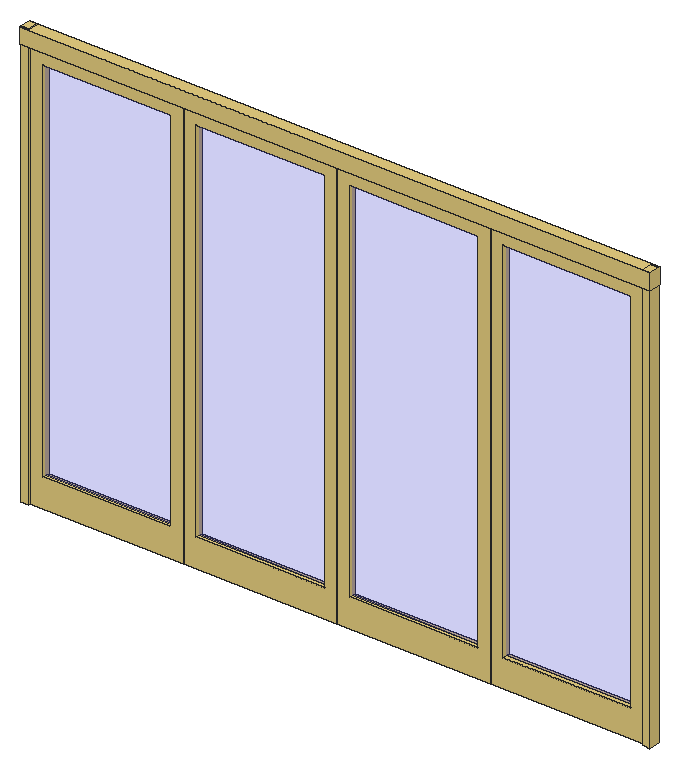
Revit family "DAL_A3-Bifold-2700x3990-BF2740R4", category Doors, host Wall, Revit 2016
Family settings
  Host = Wall
  Always vertical = Yes
  Cut with Voids When Loaded = No
  Shared = No
  Room Calculation Point = No
Parameters (values of type "2700 x 3990 BF2740R4")
  URL = "http://www.canterburywindows.com.au"
  Rough Width = Width + Frame Depth  # 4010 mm
  Rough Height = Height + Frame Depth  # 2720 mm
  Panel Width = (Width - 100 mm) / 4  # 972.5 mm
  Panel Material = Wood - Meranti
  Overhead Lines Visible [instance] = yes
  Opening Angle 2 = (Opening Angle * 2)  # 160.00°
  Opening Angle = 80.00°
  Model = "Standard Bifold Door"
  Manufacturer Code = "BF2740R4"
  Manufacturer = "Canterbury Windows & Doors"
  Height = 2700 mm
  Wall Closure = By host
  Width = 3990 mm
  Glass Material = Glass
  Function = Interior
  Frame Material = Wood - Meranti
  Frame Depth = 20 mm
  Assembly Code = "B2030130"
Reference planes
  plane 1 "Center": y = 0
  plane 2 "Center (Left/Right)": x = 0
  plane 3 "Left": x = -1995
  plane 4 "Right": x = 1995
  plane 5: z = 2700
  plane 6 "Exterior": y = 75
  plane 7 "Interior": y = -75
  plane 8: x = 972.5
  plane 9: x = -972.5
  plane 10: z = 2600
  plane 11: x = 1945
  plane 12: x = -1945
  plane 13: z = 1300
Forms (mm)
  Sweep 1, solid, material "Wood - Meranti" <- "Frame Material"
    path origin (0, 0, 0) x (1, 0, 0) y (0, 0, 1)
      loop
        line (1995, 0) -> (1995, 2700)
    profile origin (1995, 0, 1350) x (-1, 0, 0) y (0, -1, 0)
      loop
        line (50, -34) -> (50, 34) -> (0, 34) -> (0, -34) -> (50, -34)
  Sweep 2, solid, material "Wood - Meranti" <- "Frame Material"
    path origin (0, 0, 0) x (1, 0, 0) y (0, 0, 1)
      loop
        line (-1995, 0) -> (-1995, 2700)
    profile origin (-1995, 0, 1350) x (-1, 0, 0) y (0, -1, 0)
      loop
        line (0, -34) -> (0, 34) -> (-50, 34) -> (-50, -34) -> (0, -34)
  Sweep 3, solid, material "Wood - Meranti" <- "Frame Material", detail levels medium+fine
    path origin (0, 0, 0) x (1, 0, 0) y (0, 0, 1)
      loop
        line (1995, 2700) -> (-1995, 2700)
    profile origin (0, 0, 2700) x (0, 0, -1) y (0, -1, 0)
      loop
        line (0, -39) -> (100, -39) -> (100, 39) -> (0, 39) -> (0, -39)
  Extrusion 4, solid, material "Wood - Meranti" <- "Panel Material", detail levels medium+fine
    sketch origin (0, 0, 0) x (1, 0, 0) y (0, 0, 1)
      loop
        line (1945, 2600) -> (972.5, 2600) -> (972.5, 0) -> (1945, 0) -> (1945, 2600)
      loop
        line (1865, 2520) -> (1052.5, 2520) -> (1052.5, 180) -> (1865, 180) -> (1865, 2520)
    from -22 to 22
  Extrusion 5, solid, material "Wood - Meranti" <- "Panel Material", detail levels medium+fine
    sketch origin (-700, 0, 0) x (1, 0, 0) y (0, 0, 1)
      loop
        line (1672.5, 2600) -> (700, 2600) -> (700, 0) -> (1672.5, 0) -> (1672.5, 2600)
      loop
        line (1592.5, 2520) -> (780, 2520) -> (780, 180) -> (1592.5, 180) -> (1592.5, 2520)
    from -22 to 22
  Extrusion 6, solid, material "Wood - Meranti" <- "Panel Material", detail levels medium+fine
    sketch origin (-1300, 0, 0) x (1, 0, 0) y (0, 0, 1)
      loop
        line (1300, 2600) -> (327.5, 2600) -> (327.5, 0) -> (1300, 0) -> (1300, 2600)
      loop
        line (1220, 2520) -> (407.5, 2520) -> (407.5, 180) -> (1220, 180) -> (1220, 2520)
    from -22 to 22
  Extrusion 7, solid, material "Wood - Meranti" <- "Panel Material", detail levels medium+fine
    sketch origin (-1800, 0, 0) x (1, 0, 0) y (0, 0, 1)
      loop
        line (827.5, 2600) -> (-145, 2600) -> (-145, 0) -> (827.5, 0) -> (827.5, 2600)
      loop
        line (747.5, 2520) -> (-65, 2520) -> (-65, 180) -> (747.5, 180) -> (747.5, 2520)
    from -22 to 22
  Extrusion 8, solid, material "Glass" <- "Glass Material", detail levels medium+fine
    sketch origin (0, 0, 0) x (1, 0, 0) y (0, 0, 1)
      loop
        line (1865, 2520) -> (1052.5, 2520) -> (1052.5, 180) -> (1865, 180) -> (1865, 2520)
      loop
        line (892.5, 2520) -> (80, 2520) -> (80, 180) -> (892.5, 180) -> (892.5, 2520)
      loop
        line (-80, 180) -> (-80, 2520) -> (-892.5, 2520) -> (-892.5, 180) -> (-80, 180)
      loop
        line (-1052.5, 180) -> (-1052.5, 2520) -> (-1865, 2520) -> (-1865, 180) -> (-1052.5, 180)
    from -4 to 4
Lines and regions (mm)
  Opening 1
    outline origin (-3050, -75, 0) x (1, 0, 0) y (0, 0, 1)
      loop
        line (1055, 0) -> (5045, 0) -> (5045, 2700) -> (1055, 2700) -> (1055, 0)
  symbolic lines
    curve 1: line (-1945, 22, 0) -> (-987.274, 190.873, 0)
    curve 2: line (-979.634, 147.541, 0) -> (-1937.359, -21.332, 0)
    curve 3: line (-979.634, 147.541, 0) -> (-987.274, 190.873, 0)
    curve 4: line (-1945, 22, 0) -> (-1937.359, -21.332, 0)
    curve 5: line (-14.268, 22, 0) -> (-971.993, 190.873, 0)
    curve 6: line (-979.634, 147.541, 0) -> (-21.908, -21.332, 0)
    curve 7: line (-979.634, 147.541, 0) -> (-971.993, 190.873, 0)
    curve 8: line (-14.268, 22, 0) -> (-21.908, -21.332, 0)
    curve 23: line (-14.268, 22, 0) -> (939.411, 212.404, 0)
    curve 24: line (948.025, 169.256, 0) -> (-5.653, -21.148, 0)
    curve 25: line (948.025, 169.256, 0) -> (939.411, 212.404, 0)
    curve 26: line (-14.268, 22, 0) -> (-5.653, -21.148, 0)
    curve 27: line (1915.974, 65.493, 0) -> (954.688, 212.748, 0)
    curve 28: line (948.025, 169.256, 0) -> (1909.312, 22, 0)
    curve 29: line (948.025, 169.256, 0) -> (954.688, 212.748, 0)
    curve 30: line (1915.974, 65.493, 0) -> (1909.312, 22, 0)
  symbolic lines, style "Elevation Swing"
    curve 9: line (494.167, 0, 1293.969) -> (334.167, 0, 1293.969)
    curve 10: line (334.167, 0, 1293.969) -> (380.13, 0, 1255.402)
    curve 11: line (334.167, 0, 1293.969) -> (380.13, 0, 1332.537)
    curve 12: line (-455.022, 0, 1300) -> (-615.022, 0, 1300)
    curve 13: line (-615.022, 0, 1300) -> (-569.059, 0, 1338.567)
    curve 14: line (-615.022, 0, 1300) -> (-569.059, 0, 1261.433)
    curve 15: line (1262.5, 0, 1300) -> (1102.5, 0, 1300)
    curve 16: line (1102.5, 0, 1300) -> (1148.463, 0, 1261.433)
    curve 17: line (1102.5, 0, 1300) -> (1148.463, 0, 1338.567)
    curve 18: line (-1082.5, 0, 1300) -> (-1242.5, 0, 1300)
    curve 19: line (-1242.5, 0, 1300) -> (-1196.537, 0, 1338.567)
    curve 20: line (-1242.5, 0, 1300) -> (-1196.537, 0, 1261.433)
  symbolic lines, style "Overhead ", visible <- "Overhead Lines Visible"
    curve 21: line (-1995, 75, 0) -> (1995, 75, 0)
    curve 22: line (1995, -75, 0) -> (-1995, -75, 0)
Text (mm)
  text "Exterior" at (-2295.016, 1099.543, 0), in view "Ref. Level"
  text "Exterior" at (0, 1615.38, 3698.081), in view "Left"
  text "Exterior" at (0, 1036.032, 3874.932), in view "Right"
Dimensions and locks
  equal spacing: plane 3 "Left", plane 2 "Center (Left/Right)", plane 4 "Right"
  "Width": plane 3 "Left" to plane 4 "Right"
  "Height": plane 5 to host wall
  locked: plane 6 "Exterior" to host wall at 0
  locked: plane 7 "Interior" to host wall
  locked: plane 10 to plane 5 at 100
  locked: plane 11 to plane 4 "Right" at 50
  locked: plane 12 to plane 3 "Left" at 50
  equal spacing: plane 2 "Center (Left/Right)", plane 8, plane 11
  equal spacing: plane 12, plane 9, plane 2 "Center (Left/Right)"
  equal spacing: Sweep 1 sketch curve, profile plane, Sweep 1 sketch curve
  locked: Sweep 1 sketch curve to Sweep 1 sketch curve at 68
  locked: Sweep 2 to Sweep 3 sketch curve at 5
  locked: Sweep 3 sketch curve to Sweep 2 at 5
  locked: Extrusion 4 sketch curve to Extrusion 4 sketch curve at 80  (x3)
  locked: Extrusion 4 sketch curve to Extrusion 4 sketch curve at 180
  locked: Extrusion 5 sketch curve to Extrusion 5 sketch curve at 80  (x3)
  locked: Extrusion 5 sketch curve to Extrusion 5 sketch curve at 180
  locked: Extrusion 6 sketch curve to Extrusion 6 sketch curve at 80  (x3)
  locked: Extrusion 6 sketch curve to Extrusion 6 sketch curve at 180
  locked: Extrusion 7 sketch curve to Extrusion 7 sketch curve at 80  (x3)
  locked: Extrusion 7 sketch curve to Extrusion 7 sketch curve at 180
  equal spacing: Extrusion 7, plane 1 "Center", Extrusion 7
  locked: Extrusion 7 to Extrusion 7 at 44
  equal spacing: Extrusion 8, plane 1 "Center", Extrusion 8
  locked: Extrusion 8 to Extrusion 8 at 8
  "Panel Width": curve 4 to curve 3
  "Panel Width": curve 8 to curve 7
  equal spacing: level, plane 13, plane 10
  locked: curve 6 to curve 5 at 44
  locked: curve 1 to curve 2 at 44
  "Panel Width": curve 26 to curve 25
  "Panel Width": curve 30 to curve 29
  locked: curve 28 to curve 27 at 44
  locked: curve 23 to curve 24 at 44
  "Opening Angle": angle curve 1 to plane 12
  "Opening Angle 2": angle curve 2 to curve 6
  "Opening Angle 2": angle curve 24 to curve 28
  aligned and locked: plane 3 "Left" to Opening 1 sketch curve
  aligned and locked: plane 5 to Opening 1 sketch curve  (x2)
  aligned and locked: Opening 1 sketch curve to plane 4 "Right"
  aligned and locked: Opening 1 sketch curve to level
  aligned and locked: plane 1 "Center" to host wall
  aligned and locked: level to Sweep 1 sketch curve
  aligned and locked: plane 5 to Sweep 1 sketch curve
  aligned and locked: plane 4 "Right" to Sweep 1 sketch curve
  aligned and locked: Sweep 1 sketch curve to profile plane
  aligned and locked: Sweep 1 sketch curve to plane 11
  aligned and locked: level to Sweep 2 sketch curve
  aligned and locked: plane 5 to Sweep 2 sketch curve
  aligned and locked: plane 3 "Left" to Sweep 2 sketch curve
  aligned and locked: Sweep 2 sketch curve to Sweep 1
  aligned and locked: Sweep 1 to Sweep 2 sketch curve
  aligned and locked: profile plane to Sweep 2 sketch curve
  aligned and locked: Sweep 2 sketch curve to plane 12
  aligned and locked: plane 3 "Left" to Sweep 3 sketch curve
  aligned and locked: plane 4 "Right" to Sweep 3 sketch curve
  aligned and locked: plane 5 to Sweep 3 sketch curve
  aligned and locked: Sweep 3 sketch curve to profile plane
  aligned and locked: plane 10 to Sweep 3 sketch curve
  aligned and locked: plane 11 to Extrusion 4 sketch curve
  aligned and locked: level to Extrusion 4 sketch curve
  aligned and locked: Extrusion 4 sketch curve to plane 8
  aligned and locked: Extrusion 4 sketch curve to plane 10
  aligned and locked: plane 8 to Extrusion 5 sketch curve
  aligned and locked: Extrusion 5 sketch curve to plane 10
  aligned and locked: level to Extrusion 5 sketch curve
  aligned and locked: plane 2 "Center (Left/Right)" to Extrusion 5 sketch curve
  aligned and locked: Extrusion 6 sketch curve to plane 2 "Center (Left/Right)"
  aligned and locked: Extrusion 6 sketch curve to plane 10
  aligned and locked: level to Extrusion 6 sketch curve
  aligned and locked: Extrusion 6 sketch curve to plane 9
  aligned and locked: Extrusion 7 sketch curve to plane 10
  aligned and locked: plane 9 to Extrusion 7 sketch curve
  aligned and locked: level to Extrusion 7 sketch curve
  aligned and locked: Extrusion 7 sketch curve to plane 12
  aligned and locked: Extrusion 6 to Extrusion 7
  aligned and locked: Extrusion 5 to Extrusion 7
  aligned and locked: Extrusion 4 to Extrusion 7
  aligned and locked: Extrusion 7 to Extrusion 6
  aligned and locked: Extrusion 7 to Extrusion 5
  aligned and locked: Extrusion 7 to Extrusion 4
  aligned and locked: Extrusion 4 to Extrusion 8 sketch curve
  aligned and locked: Extrusion 8 sketch curve to Extrusion 4  (x3)
  aligned and locked: Extrusion 5 to Extrusion 8 sketch curve
  aligned and locked: Extrusion 8 sketch curve to Extrusion 5  (x3)
  aligned and locked: Extrusion 8 sketch curve to Extrusion 6  (x3)
  aligned and locked: Extrusion 6 to Extrusion 8 sketch curve
  aligned and locked: Extrusion 8 sketch curve to Extrusion 7  (x3)
  aligned and locked: Extrusion 7 to Extrusion 8 sketch curve
  aligned and locked: plane 12 to curve 1
  aligned and locked: host wall to curve 21
  aligned and locked: plane 6 "Exterior" to curve 21
  aligned and locked: host wall to curve 22
  aligned and locked: curve 22 to plane 7 "Interior"
  aligned and locked: Extrusion 7 to curve 1
  aligned and locked: Extrusion 6 to curve 26
  aligned and locked: curve 28 to Extrusion 5
Automatic sketch dimensions
  curve 22 to plane 3 "Left" = 0 mm
  curve 21 to plane 4 "Right" = 0 mm
  curve 18 to plane 13 = 0 mm
  curve 12 to plane 13 = 0 mm
  curve 17 to plane 13 = 0 mm
  plane 9 to curve 18 = 270 mm
  plane 13 to curve 19 = 38.567 mm
  curve 18 to curve 19 = 45.963 mm
  curve 20 to plane 13 = 38.567 mm
  curve 18 to curve 20 = 45.963 mm
  plane 9 to curve 18 = 110 mm
  curve 12 to plane 9 = 357.478 mm
  curve 14 to plane 13 = 38.567 mm
  curve 12 to curve 14 = 45.963 mm
  plane 13 to curve 13 = 38.567 mm
  curve 12 to curve 13 = 45.963 mm
  curve 14 to curve 12 = 114.037 mm
  curve 11 to plane 13 = 6.031 mm
  plane 2 "Center (Left/Right)" to curve 11 = 334.167 mm
  curve 10 to plane 13 = 44.598 mm
  curve 9 to curve 10 = 45.963 mm
  plane 13 to curve 11 = 32.537 mm
  curve 9 to curve 11 = 45.963 mm
  curve 10 to curve 9 = 114.037 mm
  curve 17 to plane 8 = 130 mm
  curve 16 to plane 13 = 38.567 mm
  curve 15 to curve 16 = 45.963 mm
  plane 13 to curve 17 = 38.567 mm
  curve 15 to curve 17 = 45.963 mm
  curve 16 to curve 15 = 114.037 mm
